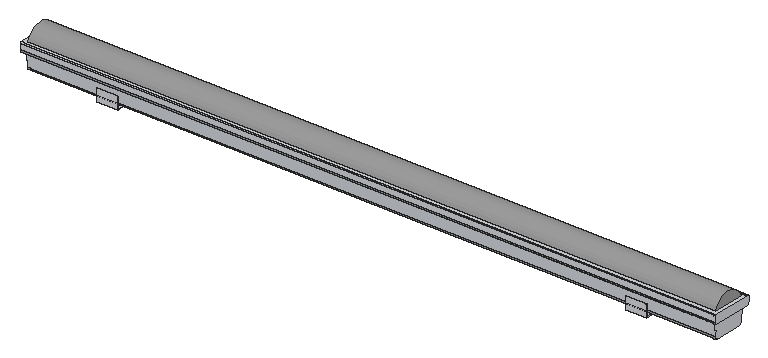
Revit family "0010272", category Lighting Fixtures, host Face, Revit 2017 (continued)
Types (60, lengths in mm): name | Weight | Wattage | TypeName | built-in parameter 1150134 | Photometric Web File | PowerFactor | PowerConsumption | NominalLength | Name | ModelReference | ModelNumber | Model | LuminousEfficacy | built-in parameter 1150105 | Lumens | LampNominalLuminous | LampMacAdamStep | LampColourTemperature | LENGHT_SYL | LENGHT_CHAMFER_SYL | LENGHT-_SYL | LENGHT-_CHAMFER_SYL | L0650_SYL | L1500_SYL | L1200_SYL | built-in parameter 1150107 | built-in parameter 1150106 | built-in parameter 1150104 | DocumentationLiterature | Description | BRACKET_WIDTH_SYL | BRACKET_DIST_SYL | Apparent Load
  0010215 RESISTO 1200 IP66 4800LM 840 QC | "1.61 kg" | 35 W | "Resisto  1200 IP66 4800lm 840 QC" | 12 | "0010215.ies" | 0.95 | "35 W" | 1212 | "Resisto  1200 IP66 4800lm 840 QC" | "Resisto  1200 IP66 4800lm 840 QC" | "0010215" | "Resisto  1200 IP66 4800lm 840 QC" | "137 lm/W" | 1583.6 (stored number, unit not read) | 4795 lm | "4800 lm" | "5" | "4000 K" | 592 | 600 | -592 | -600 | no | no | yes | 4000 (stored number, unit not read) | 15.836 (stored number, unit not read) | 12.728 (stored number, unit not read) | "http://www.sylvania-lighting.com/product/en-int/products/0010215" | "Resisto, integrated LED weatherproof luminaire, with UV stabilized flat diffuser designed to achieve uniform lit appearance, optimise light output and to reduce glare. 301 stainless steel diffuser clips and fixing brackets for surface mounting. Polycarbonate housing and diffuser - no yellow discolouration over time. 4800lm; 35W; 137lm/W; 4000K; SDCM<5; non dimmable; CRI80; IP66; IK08; Class I; 69,000hrs (L80B20) lifespan; 1200mm x 89mm x 88mm; D-mark; assembled with quick connector." | 400 | 444 | 35 VA
  0010214 RESISTO 1200 IP66 2800LM 840 QC | "1.57 kg" | 21 W | "Resisto  1200 IP66 2800lm 840 QC" | 12 | "0010214.ies" | 0.95 | "21 W" | 1212 | "Resisto  1200 IP66 2800lm 840 QC" | "Resisto  1200 IP66 2800lm 840 QC" | "0010214" | "Resisto  1200 IP66 2800lm 840 QC" | "133 lm/W" | 917.95 (stored number, unit not read) | 2793 lm | "2800 lm" | "5" | "4000 K" | 592 | 600 | -592 | -600 | no | no | yes | 4000 (stored number, unit not read) | 9.1795 (stored number, unit not read) | 12.356 (stored number, unit not read) | "http://www.sylvania-lighting.com/product/en-int/products/0010214" | "Resisto, integrated LED weatherproof luminaire, with UV stabilized flat diffuser designed to achieve uniform lit appearance, optimise light output and to reduce glare. 301 stainless steel diffuser clips and fixing brackets for surface mounting. Polycarbonate housing and diffuser - no yellow discolouration over time. 2800lm; 21W; 133lm/W; 4000K; SDCM<5; non dimmable; CRI80; IP66; IK08; Class I; 69,000hrs (L80B20) lifespan; 1200mm x 89mm x 88mm; D-mark; assembled with quick connector." | 400 | 444 | 21 VA
  0010213 RESISTO 1200 IP66 4800LM 865 | "1.54 kg" | 35 W | "Resisto  1200 IP66 4800lm 865" | 1 | "0010213.ies" | 0.95 | "35 W" | 1200 | "Resisto  1200 IP66 4800lm 865" | "Resisto  1200 IP66 4800lm 865" | "0010213" | "Resisto  1200 IP66 4800lm 865" | "137 lm/W" | 1583.6 (stored number, unit not read) | 4795 lm | "4800 lm" | "5" | "6500 K" | 592 | 600 | -592 | -600 | no | no | yes | 6500 (stored number, unit not read) | 15.836 (stored number, unit not read) | 12.728 (stored number, unit not read) | "http://www.sylvania-lighting.com/product/en-int/products/0010213" | "Resisto, integrated LED weatherproof luminaire, with UV stabilized flat diffuser designed to achieve uniform lit appearance, optimise light output and to reduce glare. 301 stainless steel diffuser clips and fixing brackets for surface mounting. Polycarbonate housing and diffuser - no yellow discolouration over time. 4800lm; 35W; 137lm/W; 6500K; SDCM<5; non dimmable; CRI80; IP66; IK08; Class I; 69,000hrs (L80B20) lifespan; 1200mm x 89mm x 88mm; D-mark." | 400 | 444 | 35 VA
  0010212 RESISTO 1200 IP66 2800LM 865 | "1.5 kg" | 21 W | "Resisto  1200 IP66 2800lm 865" | 1 | "0010212.ies" | 0.95 | "21 W" | 1200 | "Resisto  1200 IP66 2800lm 865" | "Resisto  1200 IP66 2800lm 865" | "0010212" | "Resisto  1200 IP66 2800lm 865" | "133 lm/W" | 917.95 (stored number, unit not read) | 2793 lm | "2800 lm" | "5" | "6500 K" | 592 | 600 | -592 | -600 | no | no | yes | 6500 (stored number, unit not read) | 9.1795 (stored number, unit not read) | 12.356 (stored number, unit not read) | "http://www.sylvania-lighting.com/product/en-int/products/0010212" | "Resisto, integrated LED weatherproof luminaire, with UV stabilized flat diffuser designed to achieve uniform lit appearance, optimise light output and to reduce glare. 301 stainless steel diffuser clips and fixing brackets for surface mounting. Polycarbonate housing and diffuser - no yellow discolouration over time. 2800lm; 21W; 133lm/W; 6500K; SDCM<5; non dimmable; CRI80; IP66; IK08; Class I; 69,000hrs (L80B20) lifespan; 1200mm x 89mm x 88mm; D-mark." | 400 | 444 | 21 VA
  0010211 RESISTO 1200 IP66 4800LM 840 | "11.88 kg" | 35 W | "Resisto  1200 IP66 4800lm 840" | 12 | "0010211.ies" | 0.95 | "35.0 W" | 1200 | "Resisto  1200 IP66 4800lm 840" | "Resisto  1200 IP66 4800lm 840" | "0010211" | "Resisto  1200 IP66 4800lm 840" | "137 lm/W" | -7601417.6 (stored number, unit not read) | 4795 lm | "4800 lm" | "5" | "4000 K" | 592 | 600 | -592 | -600 | no | no | yes | 4000 (stored number, unit not read) | -76014.2 (stored number, unit not read) | 12.728 (stored number, unit not read) | "http://www.sylvania-lighting.com/product/en-int/products/0010211" | "Resisto, integrated LED weatherproof luminaire, with UV stabilized flat diffuser designed to achieve uniform lit appearance, optimise light output and to reduce glare. 301 stainless steel diffuser clips and fixing brackets for surface mounting. Polycarbonate housing and diffuser - no yellow discolouration over time. 4800lm; 35W; 137lm/W; 4000K; SDCM<5; non dimmable; CRI80; IP66; IK08; Class I; 69,000hrs (L80B20) lifespan; 1200mm x 89mm x 88mm; D-mark." | 400 | 444 | 35 VA
  0010210 RESISTO 1200 IP66 2800LM 840 | "11.88 kg" | 21 W | "Resisto  1200 IP66 2800lm 840" | 12 | "0010210.ies" | 0.95 | "21.0 W" | 1200 | "Resisto  1200 IP66 2800lm 840" | "Resisto  1200 IP66 2800lm 840" | "0010210" | "Resisto  1200 IP66 2800lm 840" | "133 lm/W" | -2570258.2 (stored number, unit not read) | 2793 lm | "2800 lm" | "5" | "4000 K" | 592 | 600 | -592 | -600 | no | no | yes | 4000 (stored number, unit not read) | -25702.6 (stored number, unit not read) | 12.356 (stored number, unit not read) | "http://www.sylvania-lighting.com/product/en-int/products/0010210" | "Resisto, integrated LED weatherproof luminaire, with UV stabilized flat diffuser designed to achieve uniform lit appearance, optimise light output and to reduce glare. 301 stainless steel diffuser clips and fixing brackets for surface mounting. Polycarbonate housing and diffuser - no yellow discolouration over time. 2800lm; 21W; 133lm/W; 4000K; SDCM<5; non dimmable; CRI80; IP66; IK08; Class I; 69,000hrs (L80B20) lifespan; 1200mm x 89mm x 88mm; D-mark." | 400 | 444 | 21 VA
  0010209 RESISTO 1200 IP66 4800LM 830 | "1.54 kg" | 35 W | "Resisto  1200 IP66 4800lm 830" | (empty or 0) | "0010209.ies" | 0.95 | "35 W" | 1200 | "Resisto  1200 IP66 4800lm 830" | "Resisto  1200 IP66 4800lm 830" | "0010209" | "Resisto  1200 IP66 4800lm 830" | "137 lm/W" | 1583.6 (stored number, unit not read) | 4795 lm | "4800 lm" | "5" | "3000 K" | 592 | 600 | -592 | -600 | no | no | yes | 3000 (stored number, unit not read) | 15.836 (stored number, unit not read) | 12.728 (stored number, unit not read) | "http://www.sylvania-lighting.com/product/en-int/products/0010209" | "Resisto, integrated LED weatherproof luminaire, with UV stabilized flat diffuser designed to achieve uniform lit appearance, optimise light output and to reduce glare. 301 stainless steel diffuser clips and fixing brackets for surface mounting. Polycarbonate housing and diffuser - no yellow discolouration over time. 4800lm; 35W; 137lm/W; 3000K; SDCM<5; non dimmable; CRI80; IP66; IK08; Class I; 69,000hrs (L80B20) lifespan; 1200mm x 89mm x 88mm; D-mark." | 400 | 444 | 35 VA
  0010208 RESISTO 1200 IP66 2800LM 830 | "1.5 kg" | 21 W | "Resisto  1200 IP66 2800lm 830" | (empty or 0) | "0010208.ies" | 0.95 | "21 W" | 1200 | "Resisto  1200 IP66 2800lm 830" | "Resisto  1200 IP66 2800lm 830" | "0010208" | "Resisto  1200 IP66 2800lm 830" | "133 lm/W" | 917.95 (stored number, unit not read) | 2793 lm | "2800 lm" | "5" | "3000 K" | 592 | 600 | -592 | -600 | no | no | yes | 3000 (stored number, unit not read) | 9.1795 (stored number, unit not read) | 12.356 (stored number, unit not read) | "http://www.sylvania-lighting.com/product/en-int/products/0010208" | "Resisto, integrated LED weatherproof luminaire, with UV stabilized flat diffuser designed to achieve uniform lit appearance, optimise light output and to reduce glare. 301 stainless steel diffuser clips and fixing brackets for surface mounting. Polycarbonate housing and diffuser - no yellow discolouration over time. 2800lm; 21W; 133lm/W; 3000K; SDCM<5; non dimmable; CRI80; IP66; IK08; Class I; 69,000hrs (L80B20) lifespan; 1200mm x 89mm x 88mm; D-mark." | 400 | 444 | 21 VA
  0010207 RESISTO 600 HE IP66 2500LM 840 | "0.96 kg" | 16 W | "Resisto  600 HE IP66 2500lm 840" | 12 | "0010207.ies" | 0.95 | "16 W" | 650 | "Resisto  600 HE IP66 2500lm 840" | "Resisto  600 HE IP66 2500lm 840" | "0010207" | "Resisto  600 HE IP66 2500lm 840" | "156 lm/W" | 829.02 (stored number, unit not read) | 2496 lm | "2500 lm" | "3" | "4000 K" | 317 | 325 | -317 | -325 | yes | no | no | 4000 (stored number, unit not read) | 8.2902 (stored number, unit not read) | 14.493 (stored number, unit not read) | "http://www.sylvania-lighting.com/product/en-int/products/0010207" | "Resisto, integrated LED weatherproof luminaire, with UV stabilized flat diffuser designed to achieve uniform lit appearance, optimise light output and to reduce glare. 301 stainless steel diffuser clips and fixing brackets for surface mounting. Polycarbonate housing and diffuser - no yellow discolouration over time. 2500lm; 16W; 156lm/W; 4000K; SDCM<3; non dimmable; CRI80; IP66; IK08; Class I; 69,000hrs (L80B20) lifespan; 650mm x 89mm x 88mm; D-mark." | 125 | 169 | 16 VA
  0010206 RESISTO 600 HE IP66 1400LM 840 | "0.88 kg" | 10 W | "Resisto  600 HE IP66 1400lm 840" | 12 | "0010206.ies" | 0.9 | "10 W" | 650 | "Resisto  600 HE IP66 1400lm 840" | "Resisto  600 HE IP66 1400lm 840" | "0010206" | "Resisto  600 HE IP66 1400lm 840" | "140 lm/W" | 479.25 (stored number, unit not read) | 1400 lm | "1400 lm" | "3" | "4000 K" | 317 | 325 | -317 | -325 | yes | no | no | 4000 (stored number, unit not read) | 4.7925 (stored number, unit not read) | 13.006 (stored number, unit not read) | "http://www.sylvania-lighting.com/product/en-int/products/0010206" | "Resisto, integrated LED weatherproof luminaire, with UV stabilized flat diffuser designed to achieve uniform lit appearance, optimise light output and to reduce glare. 301 stainless steel diffuser clips and fixing brackets for surface mounting. Polycarbonate housing and diffuser - no yellow discolouration over time. 1400lm; 10W; 140lm/W; 4000K; SDCM<3; non dimmable; CRI80; IP66; IK08; Class I; 69,000hrs (L80B20) lifespan; 650mm x 89mm x 88mm; D-mark." | 125 | 169 | 10 VA
  0010205 RESISTO 600 IP66 2500LM 865 | "0.88 kg" | 19 W | "Resisto  600 IP66 2500lm 865" | 1 | "0010205.ies" | 1 | "19 W" | 650 | "Resisto  600 IP66 2500lm 865" | "Resisto  600 IP66 2500lm 865" | "0010205" | "Resisto  600 IP66 2500lm 865" | "132 lm/W" | 833.01 (stored number, unit not read) | 2508 lm | "2500 lm" | "5" | "6500 K" | 317 | 325 | -317 | -325 | yes | no | no | 6500 (stored number, unit not read) | 8.3301 (stored number, unit not read) | 12.263 (stored number, unit not read) | "http://www.sylvania-lighting.com/product/en-int/products/0010205" | "Resisto, integrated LED weatherproof luminaire, with UV stabilized flat diffuser designed to achieve uniform lit appearance, optimise light output and to reduce glare. 301 stainless steel diffuser clips and fixing brackets for surface mounting. Polycarbonate housing and diffuser - no yellow discolouration over time. 2500lm; 19W; 132lm/W; 6500K; SDCM<5; non dimmable; CRI80; IP66; IK08; Class I; 69,000hrs (L80B20) lifespan; 650mm x 89mm x 88mm; D-mark." | 125 | 169 | 19 VA
  0010204 RESISTO 600 IP66 1600LM 865 | "0.88 kg" | 12 W | "Resisto  600 IP66 1600lm 865" | 1 | "0010204.ies" | 0.9 | "12 W" | 650 | "Resisto  600 IP66 1600lm 865" | "Resisto  600 IP66 1600lm 865" | "0010204" | "Resisto  600 IP66 1600lm 865" | "133 lm/W" | 546.34 (stored number, unit not read) | 1596 lm | "1600 lm" | "5" | "6500 K" | 317 | 325 | -317 | -325 | yes | no | no | 6500 (stored number, unit not read) | 5.4634 (stored number, unit not read) | 12.356 (stored number, unit not read) | "http://www.sylvania-lighting.com/product/en-int/products/0010204" | "Resisto, integrated LED weatherproof luminaire, with UV stabilized flat diffuser designed to achieve uniform lit appearance, optimise light output and to reduce glare. 301 stainless steel diffuser clips and fixing brackets for surface mounting. Polycarbonate housing and diffuser - no yellow discolouration over time. 1600lm; 12W; 133lm/W; 6500K; SDCM<5; non dimmable; CRI80; IP66; IK08; Class I; 69,000hrs (L80B20) lifespan; 650mm x 89mm x 88mm; D-mark." | 125 | 169 | 12 VA
  0010203 RESISTO 600 IP66 2500LM 840 | "10.2 kg" | 19 W | "Resisto  600 IP66 2500lm 840" | 12 | "0010203.ies" | 0.95 | "19.0 W" | 650 | "Resisto  600 IP66 2500lm 840" | "Resisto  600 IP66 2500lm 840" | "0010203" | "Resisto  600 IP66 2500lm 840" | "132 lm/W" | -2082492.7 (stored number, unit not read) | 2508 lm | "2500 lm" | "5" | "4000 K" | 317 | 325 | -317 | -325 | yes | no | no | 4000 (stored number, unit not read) | -20824.9 (stored number, unit not read) | 12.263 (stored number, unit not read) | "http://www.sylvania-lighting.com/product/en-int/products/0010203" | "Resisto, integrated LED weatherproof luminaire, with UV stabilized flat diffuser designed to achieve uniform lit appearance, optimise light output and to reduce glare. 301 stainless steel diffuser clips and fixing brackets for surface mounting. Polycarbonate housing and diffuser - no yellow discolouration over time. 2500lm; 19W; 132lm/W; 4000K; SDCM<5; non dimmable; CRI80; IP66; IK08; Class I; 69,000hrs (L80B20) lifespan; 650mm x 89mm x 88mm; D-mark." | 125 | 169 | 19 VA
  0010202 RESISTO 600 IP66 1600LM 840 | "10.2 kg" | 12 W | "Resisto  600 IP66 1600lm 840" | 12 | "0010202.ies" | 0.9 | "12.0 W" | 650 | "Resisto  600 IP66 1600lm 840" | "Resisto  600 IP66 1600lm 840" | "0010202" | "Resisto  600 IP66 1600lm 840" | "133 lm/W" | -874129.2 (stored number, unit not read) | 1596 lm | "1600 lm" | "5" | "4000 K" | 317 | 325 | -317 | -325 | yes | no | no | 4000 (stored number, unit not read) | -8741.3 (stored number, unit not read) | 12.356 (stored number, unit not read) | "http://www.sylvania-lighting.com/product/en-int/products/0010202" | "Resisto, integrated LED weatherproof luminaire, with UV stabilized flat diffuser designed to achieve uniform lit appearance, optimise light output and to reduce glare. 301 stainless steel diffuser clips and fixing brackets for surface mounting. Polycarbonate housing and diffuser - no yellow discolouration over time. 1600lm; 12W; 133lm/W; 4000K; SDCM<5; non dimmable; CRI80; IP66; IK08; Class I; 69,000hrs (L80B20) lifespan; 650mm x 89mm x 88mm; D-mark." | 125 | 169 | 12 VA
  0010279 RESISTO 1500 HE IP66 DALI 8300LM 840 | "2.01 kg" | 54 W | "Resisto 1500 HE IP66 DALI 8300lm 840" | 12 | "0010279.ies" | 0.99 | "54 W" | 1500 | "Resisto 1500 HE IP66 DALI 8300lm 840" | "Resisto 1500 HE IP66 DALI 8300lm 840" | "0010279" | "Resisto 1500 HE IP66 DALI 8300lm 840" | "154 lm/W" | 2773 (stored number, unit not read) | 8316 lm | "8300 lm" | "3" | "4000 K" | 742 | 750 | -742 | -750 | no | yes | no | 4000 (stored number, unit not read) | 27.73 (stored number, unit not read) | 14.307 (stored number, unit not read) | "http://www.sylvania-lighting.com/product/en-int/products/0010279" | "Resisto, integrated LED weatherproof luminaire, with UV stabilized flat diffuser designed to achieve uniform lit appearance, optimise light output and to reduce glare. 301 stainless steel diffuser clips and fixing brackets for surface mounting. Polycarbonate housing and diffuser - no yellow discolouration over time. 8300lm; 54W; 154lm/W; 4000K; SDCM<3; DALI dimmable; CRI80; IP66; IK08; Class I; 69,000hrs (L80B20) lifespan; 1500mm x 89mm x 88mm; D-mark." | 550 | 594 | 54 VA
